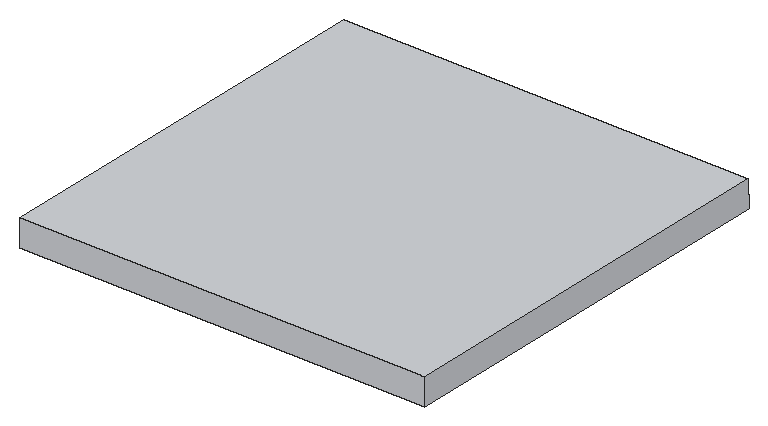
Revit family "1862_ TUPEX ELECTRIC_LAB", category Lighting Fixtures, host Face, Revit 2016
Family settings
  Host = Face
  Part Type = Normal
  Round Connector Dimension = Use Diameter
  Cut with Voids When Loaded = No
  Light Source = Yes
  Shared = No
  Room Calculation Point = Yes
Parameters
  width = 600 mm
  volt = 220 V
  length = 600 mm
  depth = 20 mm
  Wattage = 32 W
  built-in parameter 1150110 = 1 (stored number, unit not read)
  built-in parameter 1114217 = 1 (stored number, unit not read)
  Tilt Angle = 60.00°
  built-in parameter 1150109 = 1 (stored number, unit not read)
  built-in parameter 1150134 = 3
  built-in parameter 1150113 = 1 (stored number, unit not read)
  Photometric Web File = "1862.IES"
  built-in parameter 1150105 = 325.95 (stored number, unit not read)
  Lumens = 4096 lm
  built-in parameter 1150115 = 1 (stored number, unit not read)
  built-in parameter 1150137 = (empty or 0)
  built-in parameter 1150139 = (empty or 0)
  built-in parameter 1150112 = 1 (stored number, unit not read)
  built-in parameter 1150114 = 1 (stored number, unit not read)
  built-in parameter 1150132 = (empty or 0)
  built-in parameter 1150102 = (empty or 0)
  built-in parameter 1150107 = 3200 (stored number, unit not read)
  built-in parameter 1150138 = (empty or 0)
  built-in parameter 1150106 = 3.2595 (stored number, unit not read)
  built-in parameter 1150104 = 11.892 (stored number, unit not read)
  Dimming Lamp Color Temperature Shift = (empty or 0)
  Default Elevation = 1219.2 mm
  Color Filter = 16777215
  built-in parameter 1114218 = 1 (stored number, unit not read)
  built-in parameter 1150133 = 10 (stored number, unit not read)
Reference planes
  plane 1 "Center (Front/Back)": y = 0
  plane 2: z = 0
  plane 3 "Center (Left/Right)": x = 0
  plane 4: x = 600
  plane 5: y = -600
  plane 6: z = 20
  plane 7: z = -20
  plane 8: y = -300
  plane 9: x = 300
Forms (mm)
  Extrusion 1, solid
    sketch origin (0, 0, 0) x (1, 0, 0) y (0, 0, 1)
      loop
        line (600, 20) -> (0, 20) -> (0, -20) -> (600, -20) -> (600, 20)
    from 0 to 600
Dimensions and locks
  "width": plane 3 "Center (Left/Right)" to plane 4
  "length": plane 5 to plane 1 "Center (Front/Back)"
  "depth": level to plane 6
  plane 7 to level = 20 mm
  aligned and locked: plane 2 to host face
  aligned and locked: level to host face
Automatic sketch dimensions
  host sketch curve to host sketch curve = 2438.4 mm  (x2)
  Extrusion 1 sketch curve to plane 6 = 0 mm
  Extrusion 1 sketch curve to plane 7 = 0 mm
  Extrusion 1 sketch curve to plane 3 "Center (Left/Right)" = 0 mm
  Extrusion 1 sketch curve to plane 4 = 0 mm
Connectors
  electrical at (300, -300, 20), driven by "volt"
    settings: on Extrusion 1, index 1, voltage 220 V, apparent load 0 VA, apparent load phase1 36 VA, apparent load phase2 0 VA, apparent load phase3 0 VA, power factor 1, load classification "Lighting", number of poles 1, system type 31, power factor state 1, is connector primary yes, connector utility no, sub classification motor no, connector description ""
